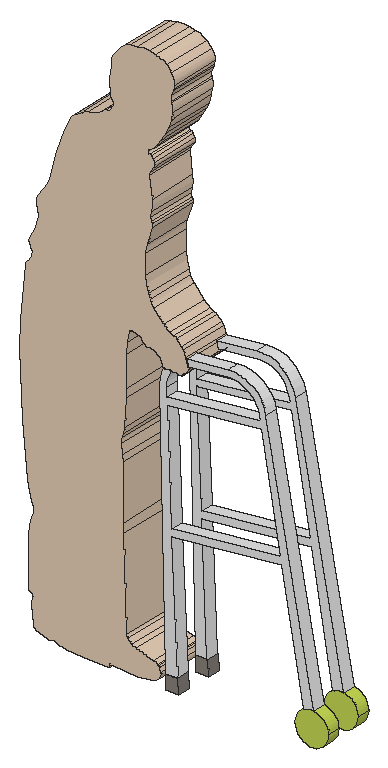
Revit family (continued)
Automatic sketch dimensions
  Extrusion 7 sketch curve to Extrusion 7 sketch curve = 0' - 0.81446"  (x2)
  Extrusion 7 sketch curve to Extrusion 7 sketch curve = 0' - 0.81149"
  Extrusion 7 sketch curve to Extrusion 7 sketch curve = 0' - 0.80125"  (x2)
  Extrusion 7 sketch curve to Extrusion 7 sketch curve = 1' - 1.27035"
  Extrusion 7 sketch curve to Extrusion 7 sketch curve = 0' - 0.58315"
  Extrusion 7 sketch curve to Extrusion 7 sketch curve = 0' - 1.0189"
  Extrusion 7 sketch curve to Extrusion 7 sketch curve = 0' - 0.08698"
  Extrusion 7 sketch curve to Extrusion 7 sketch curve = 0' - 0.12421"
  Extrusion 7 sketch curve to Extrusion 7 sketch curve = 0' - 0.05496"
  Extrusion 7 sketch curve to Extrusion 7 sketch curve = 0' - 0.64477"
  Extrusion 7 sketch curve to Extrusion 7 sketch curve = 0' - 0.06933"
  Extrusion 7 sketch curve to Extrusion 7 sketch curve = 0' - 0.45128"
  Extrusion 7 sketch curve to Extrusion 7 sketch curve = 0' - 0.2725"
  Extrusion 7 sketch curve to Extrusion 7 sketch curve = 0' - 0.0126"
  Extrusion 7 sketch curve to Extrusion 7 sketch curve = 0' - 0.02787"
  Extrusion 7 sketch curve to Extrusion 7 sketch curve = 0' - 0.06042"
  Extrusion 7 sketch curve to Extrusion 7 sketch curve = 0' - 0.04309"
  Extrusion 7 sketch curve to Extrusion 7 sketch curve = 0' - 0.74538"
  Extrusion 7 sketch curve to Extrusion 7 sketch curve = 0' - 1.06329"
  Extrusion 7 sketch curve to Extrusion 7 sketch curve = 0' - 0.61431"
  Extrusion 1 sketch curve to Extrusion 1 sketch curve = 0' - 1.34971"
  Extrusion 1 sketch curve to Extrusion 1 sketch curve = 0' - 2.7981"
  radius of Extrusion 3 sketch curve = 0' - 2.02802"
  radius of Extrusion 5 sketch curve = 0' - 2.02802"
